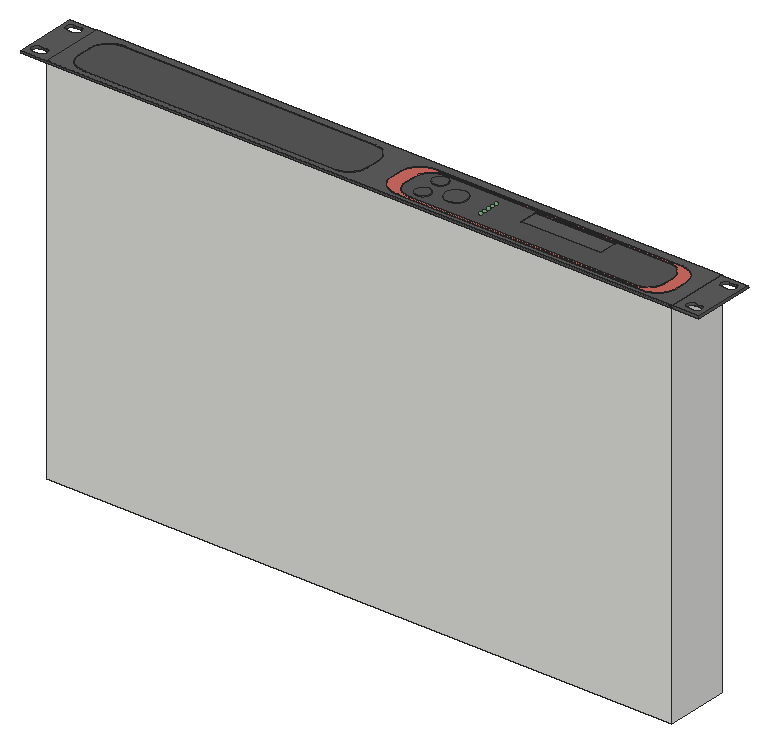
Revit family "Electronics_Fixed-Audio-DSP_Biamp_Tesira_TesiraFORTE_DAN-CI__", category Communication Devices, host Face, Revit 2020
Family settings
  Host = Face
  Maintain Annotation Orientation = No
  Round Connector Dimension = Use Diameter
  Part Type = Normal
  OmniClass Number = 23.85.10.11.11
  OmniClass Title = Sound and Signal Devices
  Cut with Voids When Loaded = No
  Shared = No
  Room Calculation Point = No
Parameters (values of type "DAN CI")
  Width = 19.00"  # constant formula
  Weight = 8.00 lbf  # constant formula
  Voltage = 120 V
  URL = "https://www.biamp.com/"
  Type 2 = yes
  Temperature Range = "32 - 104° F (0 - 40° C)"  # constant formula
  THD+N = "0dB gain, +4dBu input: < 0.006%; 54dB gain, -50dBu input: < 0.040%"  # constant formula
  Sampling Rate = "48kHz\r"  # constant formula
  Sample Rate = "USB 48kHz"  # constant formula
  Product data url = "https://www.bimobject.com/biamp/product/tesiraforte-dan-ci_fixed-audio-dsp"
  Product Page URL = "https://www.biamp.com/products/tesira-fixed-audio-dsp#tesiraforte-dan-ci"
  Product Documentation Link = "https://downloads.biamp.com/assets/docs/default-source/data-sheets/biamp_data_sheet_tesiraforte_dan_ci_oct20.pdf"
  Power Factor = 1
  Phantom Power = "+48VDC (7mA/input)\r"  # constant formula
  Output Impedance = "207 ohm"  # constant formula
  Number of Poles = 1
  Number of Channels = "up to 8"  # constant formula
  Maximum Output = "+24dBu, +18dBu, +12dBu, +6dBu, 0dBu, -31dBu"  # constant formula
  Maximum Input = "+24dBu"  # constant formula
  Max Power Consumption = 35 W
  Input Impedance = "8 kohm"  # constant formula
  Input Gain Range = "0-66dB"  # constant formula
  Humidity = "0-98% relative humidity (non-condensing)"  # constant formula
  Housing Material = Biamp - Metal - Silver
  Height = 1.75"  # constant formula
  Frequency Response = "20Hz to 20kHz, +4dBu output: +0.25 dB/-0.5 dB"  # constant formula
  EIN = "no weighting, 22Hz to 22kHz: < -125dBu"  # constant formula
  Dynamic Range = "22Hz to 22kHz, 0dB gain: > 108dB\r"  # constant formula
  Depth = 10.50"  # constant formula
  DAN/AVB = yes
  VoIP+Telephone Line = no
  Type1 = yes
  Model = "TesiraFORTÉ DAN CI"  # constant formula
  Manufacturer = "Biamp"  # constant formula
  Description = "TesiraFORTÉ® DAN CI Fixed I/O DSP"  # constant formula
  Default Elevation = 48.00"
  Cross Talk = "0dB gain, +4dBu input: < -85dB; 54dB gain, -50dBu input: < -75dB"  # constant formula
  Connector Description = "100-240VAC 50/60Hz"
  Compliance = "FCC Part 15B (USA), CE marked (Europe), UL und C-UL listed (USA and Canada), RCM (Australia), RoHS Directive (Europe)"  # constant formula
  Bit Depth = "16- or 24-bit"  # constant formula
  Assembly Code = ""
  Apparent Load = Max Power Consumption / Power Factor  # 35 VA
  Altitude = "0-6,600 ft (0-2000m) MSL"  # constant formula
  A/D - D/A Converters = "24-bit"  # constant formula
Reference planes (in)
  plane 1 "Center (Front/Back)": y = 0
  plane 2: z = 0
  plane 3 "Center (Left/Right)": x = 0
  plane 4: x = 18.35304
  plane 5: y = 0.60831
  plane 6: y = -0.59466
  plane 7: y = -0.86817
  plane 8: y = 0.88183
  plane 9: x = 18.67652
  plane 10: x = -0.32348
Forms (in)
  Extrusion 1, solid, material "Biamp - Plastic - Red", detail levels medium+fine
    sketch origin (9.17652, -0.86817, -5.18699) x (1, 0, 0) y (0, 1, 0)
      loop
        arc (0.91084, 1.51843) -> (0.52967, 1.36054) -> (0.37178, 0.97937) r 0.53906
        line (0.37178, 0.97937) -> (0.37178, 0.67022)
        arc (0.37178, 0.67022) -> (0.52998, 0.28829) -> (0.91192, 0.13009) r 0.54014
        line (0.91192, 0.13009) -> (7.81996, 0.13009)
        arc (7.81996, 0.13009) -> (8.20114, 0.28798) -> (8.35902, 0.66915) r 0.53906
        line (8.35902, 0.66915) -> (8.35902, 0.97937)
        arc (8.35902, 0.97937) -> (8.20114, 1.36054) -> (7.81996, 1.51843) r 0.53906
        line (7.81996, 1.51843) -> (0.91084, 1.51843)
      loop
        line (1.22622, 0.20126) -> (7.54738, 0.20126)
        arc (7.54738, 0.20126) -> (7.87547, 0.33716) -> (8.01138, 0.66526) r 0.464
        line (8.01138, 0.66526) -> (8.01138, 0.95126)
        arc (8.01138, 0.95126) -> (7.86493, 1.30482) -> (7.51138, 1.45126) r 0.5
        line (7.51138, 1.45126) -> (1.22622, 1.45126)
        arc (1.22622, 1.45126) -> (0.89753, 1.31511) -> (0.76138, 0.98642) r 0.46484
        line (0.76138, 0.98642) -> (0.76138, 0.66611)
        arc (0.76138, 0.66611) -> (0.89753, 0.33741) -> (1.22622, 0.20126) r 0.46484
    from 5.24135 to 5.25
  Extrusion 2, solid, material "Biamp - Metal - Black"
    sketch origin (9.17652, -0.86817, -5.18699) x (1, 0, 0) y (0, 1, 0)
      loop
        line (-9.5, 1.75) -> (-9.5, 0) -> (9.5, 0) -> (9.5, 1.75) -> (-9.5, 1.75)
    from 5.18699 to 5.24135
  Extrusion 3, void, detail levels medium+fine
    sketch origin (9.17652, -0.86817, -5.18699) x (1, 0, 0) y (0, 1, 0)
      loop
        arc (9.0994, 1.61097) -> (8.96492, 1.47649) -> (9.0994, 1.342) r 0.13448
        line (9.0994, 1.342) -> (9.25364, 1.342)
        arc (9.25364, 1.342) -> (9.38812, 1.47649) -> (9.25364, 1.61097) r 0.13448
        line (9.25364, 1.61097) -> (9.0994, 1.61097)
      loop
        arc (9.0994, 0.408) -> (8.96492, 0.27351) -> (9.0994, 0.13903) r 0.13448
        line (9.0994, 0.13903) -> (9.25364, 0.13903)
        arc (9.25364, 0.13903) -> (9.38812, 0.27351) -> (9.25364, 0.408) r 0.13448
        line (9.25364, 0.408) -> (9.0994, 0.408)
      loop
        arc (-9.25364, 1.61097) -> (-9.38812, 1.47649) -> (-9.25364, 1.342) r 0.13448
        line (-9.25364, 1.342) -> (-9.0994, 1.342)
        arc (-9.0994, 1.342) -> (-8.96492, 1.47649) -> (-9.0994, 1.61097) r 0.13448
        line (-9.0994, 1.61097) -> (-9.25364, 1.61097)
      loop
        arc (-9.25364, 0.408) -> (-9.38812, 0.27351) -> (-9.25364, 0.13903) r 0.13448
        line (-9.25364, 0.13903) -> (-9.0994, 0.13903)
        arc (-9.0994, 0.13903) -> (-8.96492, 0.27351) -> (-9.0994, 0.408) r 0.13448
        line (-9.0994, 0.408) -> (-9.25364, 0.408)
    from 5.18699 to 5.24135
  Extrusion 4, solid, material "Biamp - Glass - Gray", detail levels medium+fine
    sketch origin (9.17652, -0.86817, -5.18699) x (1, 0, 0) y (0, 1, 0)
      loop
        line (3.83453, 0.85955) -> (6.08453, 0.85955) -> (6.08453, 1.3833) -> (3.83453, 1.3833) -> (3.83453, 0.85955)
    from 5.24135 to 5.25
  Extrusion 5, solid, material "Biamp - Plastic - Black", detail levels medium+fine
    sketch origin (9.17652, -0.86817, -5.18699) x (1, 0, 0) y (0, 1, 0)
      loop
        arc (1.22622, 1.45126) -> (0.89753, 1.31511) -> (0.76138, 0.98642) r 0.46484
        line (0.76138, 0.98642) -> (0.76138, 0.66611)
        arc (0.76138, 0.66611) -> (0.89753, 0.33741) -> (1.22622, 0.20126) r 0.46484
        line (1.22622, 0.20126) -> (7.54738, 0.20126)
        arc (7.54738, 0.20126) -> (7.87547, 0.33716) -> (8.01138, 0.66526) r 0.464
        line (8.01138, 0.66526) -> (8.01138, 0.95126)
        arc (8.01138, 0.95126) -> (7.86493, 1.30482) -> (7.51138, 1.45126) r 0.5
        line (7.51138, 1.45126) -> (1.22622, 1.45126)
      loop
        line (3.83453, 0.85955) -> (6.08453, 0.85955) -> (6.08453, 1.3833) -> (3.83453, 1.3833) -> (3.83453, 0.85955)
    from 5.24135 to 5.24805
  Extrusion 6, solid, material "Biamp - Metal - Black", detail levels medium+fine
    sketch origin (9.17652, -0.86817, -5.18699) x (1, 0, 0) y (0, 1, 0)
      loop
        line (-8.75742, 1.75) -> (-8.75742, 0) -> (8.75742, 0) -> (8.75742, 1.75) -> (-8.75742, 1.75)
      loop
        line (8.35902, 0.66915) -> (8.35902, 0.97937)
        arc (8.35902, 0.97937) -> (8.20114, 1.36054) -> (7.81996, 1.51843) r 0.53906
        line (7.81996, 1.51843) -> (0.91084, 1.51843)
        arc (0.91084, 1.51843) -> (0.52967, 1.36054) -> (0.37178, 0.97937) r 0.53906
        line (0.37178, 0.97937) -> (0.37178, 0.67022)
        arc (0.37178, 0.67022) -> (0.52998, 0.28829) -> (0.91192, 0.13009) r 0.54014
        line (0.91192, 0.13009) -> (7.81996, 0.13009)
        arc (7.81996, 0.13009) -> (8.20114, 0.28798) -> (8.35902, 0.66915) r 0.53906
      loop
        line (-0.80003, 1.5425) -> (-7.86956, 1.5425)
        arc (-7.86956, 1.5425) -> (-8.22311, 1.39606) -> (-8.36956, 1.0425) r 0.5
        line (-8.36956, 1.0425) -> (-8.36956, 0.64195)
        arc (-8.36956, 0.64195) -> (-8.22311, 0.2884) -> (-7.86956, 0.14195) r 0.5
        line (-7.86956, 0.14195) -> (-0.80003, 0.14195)
        arc (-0.80003, 0.14195) -> (-0.44647, 0.2884) -> (-0.30003, 0.64195) r 0.5
        line (-0.30003, 0.64195) -> (-0.30003, 1.0425)
        arc (-0.30003, 1.0425) -> (-0.44647, 1.39606) -> (-0.80003, 1.5425) r 0.5
    from 5.24135 to 5.25
  Extrusion 7, solid, material "Biamp - Plastic - Black(Grid)", detail levels medium+fine
    sketch origin (9.17652, -0.86817, -5.18699) x (1, 0, 0) y (0, 1, 0)
      loop
        arc (-7.86956, 1.5425) -> (-8.22311, 1.39606) -> (-8.36956, 1.0425) r 0.5
        line (-8.36956, 1.0425) -> (-8.36956, 0.64195)
        arc (-8.36956, 0.64195) -> (-8.22311, 0.2884) -> (-7.86956, 0.14195) r 0.5
        line (-7.86956, 0.14195) -> (-0.80003, 0.14195)
        arc (-0.80003, 0.14195) -> (-0.44647, 0.2884) -> (-0.30003, 0.64195) r 0.5
        line (-0.30003, 0.64195) -> (-0.30003, 1.0425)
        arc (-0.30003, 1.0425) -> (-0.44647, 1.39606) -> (-0.80003, 1.5425) r 0.5
        line (-0.80003, 1.5425) -> (-7.86956, 1.5425)
    from 5.24135 to 5.25
  Extrusion 8, solid, material "Biamp - Metal - Silver" <- "Housing Material"
    sketch origin (9.17652, -0.86817, -5.18699) x (1, 0, 0) y (0, 0, -1)
      loop
        line (-8.75742, 5.25) -> (-8.75742, -5.18699) -> (8.75742, -5.18699) -> (8.75742, 5.25) -> (-8.75742, 5.25)
    from 0 to 1.75
  Extrusion 9, solid, material "Biamp - Metal - Silver" <- "Housing Material", visible <- "Type1"
    sketch origin (9.17652, -0.86817, -5.18699) x (1, 0, 0) y (0, 1, 0)
      loop
        line (6.99083, 1.52401) -> (6.99083, 0.59433) -> (8.24083, 0.59433) -> (8.24083, 1.52401) -> (6.99083, 1.52401)
      loop
        line (6.26249, 0.22588) -> (6.26249, 0.78659) -> (5.55775, 0.78659) -> (5.55775, 0.22588) -> (6.26249, 0.22588)
      loop
        line (3.15045, 0.26348) -> (3.23229, 0.72758) -> (2.37912, 0.72758) -> (2.46096, 0.26348) -> (3.15045, 0.26348)
      loop
        line (1.96267, 0.22749) -> (1.96267, 0.70184) -> (1.42474, 0.70184) -> (1.42474, 0.22749) -> (1.96267, 0.22749)
      loop
        line (0.16865, 0.53988) -> (-0.7835, 0.53988) -> (-0.7835, 0.22373) -> (0.16865, 0.22373) -> (0.16865, 0.53988)
      loop
        line (-4.9886, 1.33802) -> (-5.65288, 1.33802) -> (-5.65288, 0.88089) -> (-4.9886, 0.88089) -> (-4.9886, 1.33802)
      loop
        line (-5.96289, 1.33802) -> (-6.62717, 1.33802) -> (-6.62717, 0.88089) -> (-5.96289, 0.88089) -> (-5.96289, 1.33802)
      loop
        line (-6.93718, 1.33802) -> (-7.60145, 1.33802) -> (-7.60145, 0.88089) -> (-6.93718, 0.88089) -> (-6.93718, 1.33802)
      loop
        line (-7.91147, 1.33802) -> (-8.57574, 1.33802) -> (-8.57574, 0.88089) -> (-7.91147, 0.88089) -> (-7.91147, 1.33802)
      loop
        line (-5.65288, 0.68086) -> (-5.65288, 0.22373) -> (-4.9886, 0.22373) -> (-4.9886, 0.68086) -> (-5.65288, 0.68086)
      loop
        line (-5.96289, 0.68086) -> (-6.62717, 0.68086) -> (-6.62717, 0.22373) -> (-5.96289, 0.22373) -> (-5.96289, 0.68086)
      loop
        line (-6.93718, 0.22373) -> (-6.93718, 0.68086) -> (-7.60145, 0.68086) -> (-7.60145, 0.22373) -> (-6.93718, 0.22373)
      loop
        line (-7.91147, 0.22373) -> (-7.91147, 0.68086) -> (-8.57574, 0.68086) -> (-8.57574, 0.22373) -> (-7.91147, 0.22373)
    from -5.26366 to -5.25
  Extrusion 10, solid, material "Biamp - Metal - Silver" <- "Housing Material", visible <- "DAN/AVB"
    sketch origin (9.17652, -0.86817, -5.18699) x (1, 0, 0) y (0, 1, 0)
      loop
        line (5.02811, 0.22588) -> (5.02811, 0.78659) -> (4.32337, 0.78659) -> (4.32337, 0.22588) -> (5.02811, 0.22588)
    from -5.26366 to -5.25
  Extrusion 11, solid, material "Biamp - Metal - Silver" <- "Housing Material", visible <- "Type 2"
    sketch origin (9.17652, -0.86817, -5.18699) x (1, 0, 0) y (0, 1, 0)
      loop
        line (2.80571, 1.33802) -> (2.14143, 1.33802) -> (2.14143, 0.88089) -> (2.80571, 0.88089) -> (2.80571, 1.33802)
      loop
        line (1.83142, 1.33802) -> (1.16714, 1.33802) -> (1.16714, 0.88089) -> (1.83142, 0.88089) -> (1.83142, 1.33802)
      loop
        line (0.85713, 0.88089) -> (0.85713, 1.33802) -> (0.19286, 1.33802) -> (0.19286, 0.88089) -> (0.85713, 0.88089)
      loop
        line (-0.11716, 1.33802) -> (-0.78143, 1.33802) -> (-0.78143, 0.88089) -> (-0.11716, 0.88089) -> (-0.11716, 1.33802)
      loop
        line (-1.09145, 1.33802) -> (-1.75572, 1.33802) -> (-1.75572, 0.88089) -> (-1.09145, 0.88089) -> (-1.09145, 1.33802)
      loop
        line (-2.06574, 0.88089) -> (-2.06574, 1.33802) -> (-2.73001, 1.33802) -> (-2.73001, 0.88089) -> (-2.06574, 0.88089)
      loop
        line (-3.04003, 0.88089) -> (-3.04003, 1.33802) -> (-3.7043, 1.33802) -> (-3.7043, 0.88089) -> (-3.04003, 0.88089)
      loop
        line (-3.04003, 0.68086) -> (-3.7043, 0.68086) -> (-3.7043, 0.22373) -> (-3.04003, 0.22373) -> (-3.04003, 0.68086)
      loop
        line (-4.01432, 0.22373) -> (-4.01432, 0.68086) -> (-4.67859, 0.68086) -> (-4.67859, 0.22373) -> (-4.01432, 0.22373)
      loop
        line (-4.67859, 0.88089) -> (-4.01432, 0.88089) -> (-4.01432, 1.33802) -> (-4.67859, 1.33802) -> (-4.67859, 0.88089)
      loop
        line (-2.73001, 0.68086) -> (-2.73001, 0.22373) -> (-2.06574, 0.22373) -> (-2.06574, 0.68086) -> (-2.73001, 0.68086)
      loop
        line (-1.75572, 0.68086) -> (-1.75572, 0.22373) -> (-1.09145, 0.22373) -> (-1.09145, 0.68086) -> (-1.75572, 0.68086)
    from -5.26366 to -5.25
  Extrusion 12, solid, material "Biamp - Plastic - Black", detail levels fine
    sketch origin (0, 0, 0) x (1, 0, 0) y (0, 1, 0)
      loop
        circle (10.50753, 0.30721) r 0.2
      loop
        circle (10.50753, -0.30721) r 0.2
      loop
        circle (11.19836, 0) r 0.29
    from 0 to 0.06301
  Revolve 13, solid, material "Biamp - Plastic - Green", detail levels fine
    sketch origin (12.10249, -1.02037, -5.09642) x (0, 1, 0) y (0, 0, 1)
      loop
        arc (1.33717, 5.15748) -> (1.29771, 5.19694) -> (1.25824, 5.15748) r 0.03946
        line (1.25824, 5.15748) -> (1.33717, 5.15748)
      loop
        arc (1.19785, 5.15748) -> (1.15839, 5.19694) -> (1.11892, 5.15748) r 0.03946
        line (1.11892, 5.15748) -> (1.19785, 5.15748)
      loop
        arc (1.05983, 5.15748) -> (1.02037, 5.19694) -> (0.9809, 5.15748) r 0.03946
        line (0.9809, 5.15748) -> (1.05983, 5.15748)
      loop
        arc (0.92095, 5.15748) -> (0.88149, 5.19694) -> (0.84202, 5.15748) r 0.03946
        line (0.84202, 5.15748) -> (0.92095, 5.15748)
      loop
        arc (0.78497, 5.15748) -> (0.7455, 5.19694) -> (0.70604, 5.15748) r 0.03946
        line (0.70604, 5.15748) -> (0.78497, 5.15748)
      axis (1.33717, 5.15748) -> (0.70604, 5.15748)
    angle from 270 to 450
Cuts and joins
  Extrusion 3 cuts Extrusion 2
Lines and regions (in)
  Masking region 1
    outline origin (0, 0, 0) x (1, 0, 0) y (0, 0, 1)
      loop
        line (-0.32348, 0) -> (0.4191, 0) -> (0.4191, -10.43699) -> (17.93394, -10.43699) -> (17.93394, 0) -> (18.67652, 0) -> (18.67652, 0.06301) -> (-0.32348, 0.06301) -> (-0.32348, 0)
  symbolic lines
    curve 1: line (-0.32348, 0, 0) -> (18.67652, 0, 0)
Dimensions and locks (in)
  aligned and locked: plane 2 to host face
  aligned and locked: level to host face
Connectors (in)
  electrical at (16.79235, 0.191, -10.45064), driven by "Number of Poles", driven by "Voltage", driven by "Apparent Load", driven by "Power Factor", driven by "Connector Description"
    settings: on Extrusion 9, index 1, voltage 120 V, apparent load 0 VA, apparent load phase1 35 VA, apparent load phase2 0 VA, apparent load phase3 0 VA, power factor 1, load classification "Other", number of poles 1, system type 31, power factor state 1, is connector primary yes, connector utility no, sub classification motor no, connector description "100-240VAC 50/60Hz"
  electrical at (15.08664, -0.36194, -10.45064)
    settings: on Extrusion 9, index 2, voltage 0 V, apparent load 0 VA, apparent load phase1 0 VA, apparent load phase2 0 VA, apparent load phase3 0 VA, power factor 1, load classification "Other", number of poles 1, system type 5, power factor state 1, is connector primary no, connector utility no, sub classification motor no, connector description "RJ-45; Network control connector"
  electrical at (13.85226, -0.36194, -10.45064)
    settings: on Extrusion 10, index 3, voltage 0 V, apparent load 0 VA, apparent load phase1 0 VA, apparent load phase2 0 VA, apparent load phase3 0 VA, power factor 1, load classification "Other", number of poles 1, system type 5, power factor state 1, is connector primary no, connector utility no, sub classification motor no, connector description "RJ-45; Dante"
  electrical at (11.98222, -0.37264, -10.45064)
    settings: on Extrusion 9, index 4, voltage 0 V, apparent load 0 VA, apparent load phase1 0 VA, apparent load phase2 0 VA, apparent load phase3 0 VA, power factor 1, load classification "Other", number of poles 1, system type 5, power factor state 1, is connector primary no, connector utility no, sub classification motor no, connector description "RS-232; Serial Port"
  electrical at (11.65009, 0.24129, -10.45064)
    settings: on Extrusion 11, index 5, voltage 0 V, apparent load 0 VA, apparent load phase1 0 VA, apparent load phase2 0 VA, apparent load phase3 0 VA, power factor 1, load classification "Other", number of poles 1, system type 5, power factor state 1, is connector primary no, connector utility no, sub classification motor no, connector description "Analog Input"
  electrical at (10.6758, 0.24129, -10.45064)
    settings: on Extrusion 11, index 6, voltage 0 V, apparent load 0 VA, apparent load phase1 0 VA, apparent load phase2 0 VA, apparent load phase3 0 VA, power factor 1, load classification "Other", number of poles 1, system type 5, power factor state 1, is connector primary no, connector utility no, sub classification motor no, connector description "Analog Input"
  electrical at (9.70151, 0.24129, -10.45064)
    settings: on Extrusion 11, index 7, voltage 0 V, apparent load 0 VA, apparent load phase1 0 VA, apparent load phase2 0 VA, apparent load phase3 0 VA, power factor 1, load classification "Other", number of poles 1, system type 5, power factor state 1, is connector primary no, connector utility no, sub classification motor no, connector description "Analog Input"
  electrical at (8.72722, 0.24129, -10.45064)
    settings: on Extrusion 11, index 8, voltage 0 V, apparent load 0 VA, apparent load phase1 0 VA, apparent load phase2 0 VA, apparent load phase3 0 VA, power factor 1, load classification "Other", number of poles 1, system type 5, power factor state 1, is connector primary no, connector utility no, sub classification motor no, connector description "Analog Input"
  electrical at (7.75293, 0.24129, -10.45064)
    settings: on Extrusion 11, index 9, voltage 0 V, apparent load 0 VA, apparent load phase1 0 VA, apparent load phase2 0 VA, apparent load phase3 0 VA, power factor 1, load classification "Other", number of poles 1, system type 5, power factor state 1, is connector primary no, connector utility no, sub classification motor no, connector description "Analog Input"
  electrical at (6.77864, 0.24129, -10.45064)
    settings: on Extrusion 11, index 10, voltage 0 V, apparent load 0 VA, apparent load phase1 0 VA, apparent load phase2 0 VA, apparent load phase3 0 VA, power factor 1, load classification "Other", number of poles 1, system type 5, power factor state 1, is connector primary no, connector utility no, sub classification motor no, connector description "Analog Input"
  electrical at (5.80436, 0.24129, -10.45064)
    settings: on Extrusion 11, index 11, voltage 0 V, apparent load 0 VA, apparent load phase1 0 VA, apparent load phase2 0 VA, apparent load phase3 0 VA, power factor 1, load classification "Other", number of poles 1, system type 5, power factor state 1, is connector primary no, connector utility no, sub classification motor no, connector description "Analog Input"
  electrical at (4.83007, 0.24129, -10.45064)
    settings: on Extrusion 11, index 12, voltage 0 V, apparent load 0 VA, apparent load phase1 0 VA, apparent load phase2 0 VA, apparent load phase3 0 VA, power factor 1, load classification "Other", number of poles 1, system type 5, power factor state 1, is connector primary no, connector utility no, sub classification motor no, connector description "Analog Input"
  electrical at (3.85578, 0.24129, -10.45064)
    settings: on Extrusion 9, index 13, voltage 0 V, apparent load 0 VA, apparent load phase1 0 VA, apparent load phase2 0 VA, apparent load phase3 0 VA, power factor 1, load classification "Other", number of poles 1, system type 5, power factor state 1, is connector primary no, connector utility no, sub classification motor no, connector description "Analog Input"
  electrical at (2.88149, 0.24129, -10.45064)
    settings: on Extrusion 9, index 14, voltage 0 V, apparent load 0 VA, apparent load phase1 0 VA, apparent load phase2 0 VA, apparent load phase3 0 VA, power factor 1, load classification "Other", number of poles 1, system type 5, power factor state 1, is connector primary no, connector utility no, sub classification motor no, connector description "Analog Input"
  electrical at (1.9072, 0.24129, -10.45064)
    settings: on Extrusion 9, index 15, voltage 0 V, apparent load 0 VA, apparent load phase1 0 VA, apparent load phase2 0 VA, apparent load phase3 0 VA, power factor 1, load classification "Other", number of poles 1, system type 5, power factor state 1, is connector primary no, connector utility no, sub classification motor no, connector description "Analog Input"
  electrical at (0.93291, 0.24129, -10.45064)
    settings: on Extrusion 9, index 16, voltage 0 V, apparent load 0 VA, apparent load phase1 0 VA, apparent load phase2 0 VA, apparent load phase3 0 VA, power factor 1, load classification "Other", number of poles 1, system type 5, power factor state 1, is connector primary no, connector utility no, sub classification motor no, connector description "Analog Input"
  electrical at (0.93291, -0.41588, -10.45064)
    settings: on Extrusion 9, index 17, voltage 0 V, apparent load 0 VA, apparent load phase1 0 VA, apparent load phase2 0 VA, apparent load phase3 0 VA, power factor 1, load classification "Other", number of poles 1, system type 5, power factor state 1, is connector primary no, connector utility no, sub classification motor no, connector description "Analog Output"
  electrical at (1.9072, -0.41588, -10.45064)
    settings: on Extrusion 9, index 18, voltage 0 V, apparent load 0 VA, apparent load phase1 0 VA, apparent load phase2 0 VA, apparent load phase3 0 VA, power factor 1, load classification "Other", number of poles 1, system type 5, power factor state 1, is connector primary no, connector utility no, sub classification motor no, connector description "Analog Output"
  electrical at (2.88149, -0.41588, -10.45064)
    settings: on Extrusion 9, index 19, voltage 0 V, apparent load 0 VA, apparent load phase1 0 VA, apparent load phase2 0 VA, apparent load phase3 0 VA, power factor 1, load classification "Other", number of poles 1, system type 5, power factor state 1, is connector primary no, connector utility no, sub classification motor no, connector description "Analog Output"
  electrical at (3.85578, -0.41588, -10.45064)
    settings: on Extrusion 9, index 20, voltage 0 V, apparent load 0 VA, apparent load phase1 0 VA, apparent load phase2 0 VA, apparent load phase3 0 VA, power factor 1, load classification "Other", number of poles 1, system type 5, power factor state 1, is connector primary no, connector utility no, sub classification motor no, connector description "Analog Output"
  electrical at (4.83007, -0.41588, -10.45064)
    settings: on Extrusion 11, index 21, voltage 0 V, apparent load 0 VA, apparent load phase1 0 VA, apparent load phase2 0 VA, apparent load phase3 0 VA, power factor 1, load classification "Other", number of poles 1, system type 5, power factor state 1, is connector primary no, connector utility no, sub classification motor no, connector description "Analog Output"
  electrical at (5.80436, -0.41588, -10.45064)
    settings: on Extrusion 11, index 22, voltage 0 V, apparent load 0 VA, apparent load phase1 0 VA, apparent load phase2 0 VA, apparent load phase3 0 VA, power factor 1, load classification "Other", number of poles 1, system type 5, power factor state 1, is connector primary no, connector utility no, sub classification motor no, connector description "Analog Output"
  electrical at (6.77864, -0.41588, -10.45064)
    settings: on Extrusion 11, index 23, voltage 0 V, apparent load 0 VA, apparent load phase1 0 VA, apparent load phase2 0 VA, apparent load phase3 0 VA, power factor 1, load classification "Other", number of poles 1, system type 5, power factor state 1, is connector primary no, connector utility no, sub classification motor no, connector description "Analog Output"
  electrical at (7.75293, -0.41588, -10.45064)
    settings: on Extrusion 11, index 24, voltage 0 V, apparent load 0 VA, apparent load phase1 0 VA, apparent load phase2 0 VA, apparent load phase3 0 VA, power factor 1, load classification "Other", number of poles 1, system type 5, power factor state 1, is connector primary no, connector utility no, sub classification motor no, connector description "Analog Output"
  electrical at (8.8691, -0.48637, -10.45064)
    settings: on Extrusion 9, index 25, voltage 0 V, apparent load 0 VA, apparent load phase1 0 VA, apparent load phase2 0 VA, apparent load phase3 0 VA, power factor 1, load classification "Other", number of poles 1, system type 5, power factor state 1, is connector primary no, connector utility no, sub classification motor no, connector description "GPIO; Logic I/O"
  electrical at (10.87022, -0.4035, -10.45064)
    settings: on Extrusion 9, index 26, voltage 0 V, apparent load 0 VA, apparent load phase1 0 VA, apparent load phase2 0 VA, apparent load phase3 0 VA, power factor 1, load classification "Other", number of poles 1, system type 5, power factor state 1, is connector primary no, connector utility no, sub classification motor no, connector description "USB"
